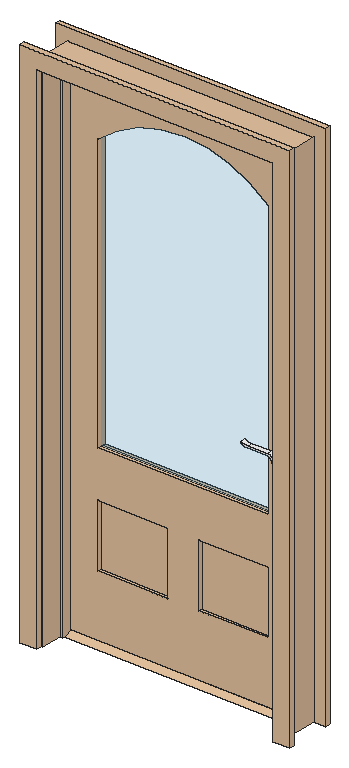
Revit family "M_Porta-Externa-Entrada-Única-Vidro em meio arco-Revestida_Madeira", category Portas, Revit 2019
Family settings
  Hospedeiro = Parede
  Número OmniClass = 23.30.10.14
  Título OmniClass = Passage Doors by Material
  Sempre na vertical = Sim
  Corte com vazios quando carregada = Não
  Compartilhado = Não
  Ponto de cálculo do ambiente = Não
Parameters (values of type "900 x 2000mm")
  Visual Light Transmittance = 0
  Material da apara = Cerejeira
  Deslocamento do limite [instance] = if(Limite, 15 mm, 0 mm)  # 15 mm
  Material do limite = Cerejeira
  Limite [instance] = yes
  Espessura = 35 mm
  Resistência térmica (R) = 0.188367 (m²·K)/W
  Ângulo de abertura [instance] = 90.00°
  Estilos = 120 mm
  Solar Heat Gain Coefficient = 0
  Largura bruta = Largura + 50 mm  # 950 mm
  Altura bruta = Altura + 25 mm  # 2025 mm
  Raio = (0.5 * Largura - Estilos) * (0.5 * Largura - Estilos) / 254 mm + 63.5 mm  # 492.24 mm
  Material do painel = Cerejeira
  Bloquear corrimão = 180 mm
  Altura = 2000 mm
  Fechamento da parede = Por hospedeiro
  Largura = 900 mm
  Coeficiente de transferência de calor (U) = 5.30918 W/(m²·K)
  Vidraça = Vidro
  Função = Exterior
  Material da moldura = Cerejeira
  Apara externa [instance] = Deslocamento da porta = 0 mm  # yes
  Deslocamento da porta [instance] = 0 mm
  Material da maçaneta = Alumín. 1
  Corrimão inferior = 240 mm
  Construction Type = ""
  Código de montagem = "B2030100"
  Construção analítica = "Porta francesa, moldura de madeira com vidro único"
Reference planes
  plane 1 "Centro (Frente/Trás)": y = 0
  plane 2 "Centro (Esquerda/Direita)": x = 0
  plane 3 "Esquerda": x = -475
  plane 4 "Direita": x = 475
  plane 5 "Superior": z = 2025
  plane 6 "Deslocamento da porta": y = 73.025
  plane 7 "Interior": y = -79.375
  plane 8 "Painel esquerdo da porta": x = -450
  plane 9 "Painel direito da porta": x = 450
  plane 10 "Topo do painel": z = 2000
  plane 11: z = 0
  plane 12: z = 0
  plane 13: x = 468.65
  plane 14: y = 38.1
  plane 15: y = 3.175
  plane 16: x = 437.3
  plane 17: y = 38.025
  plane 18: z = 1000
  plane 19 "2": x = -330
  plane 20: y = 52.025
  plane 21: y = 59.025
  plane 22: z = 914.4
  plane 23: y = 45.025
  plane 24: y = 66.025
  plane 25: z = 1000
  plane 26: z = 15
  plane 27 "1": x = 330
  plane 28: x = 398.8
  plane 29: y = 49.692
  plane 30: y = 61.358
  plane 31: y = 55.525
  plane 32: z = 500
  plane 33: z = 680
  plane 34: z = 1752.35
  plane 35: z = 1879.35
  plane 36: z = 1387.11
  plane 37 "Exterior": y = 73.025
Forms (mm)
  Sweep 1, solid, material "Cerejeira" <- "Material da moldura"
    path origin (0, 0, 0) x (1, 0, 0) y (0, 0, 1)
      loop
        line (475, 0) -> (475, 2025) -> (-475, 2025) -> (-475, 0)
    profile origin (475, 0, 1012.5) x (-1, 0, 0) y (0, -1, 0)
      loop
        line (25, -73.025) -> (25, -38.025) -> (37.7, -38.025) -> (37.7, -3.1) -> (25, -3.1) -> (25, 79.375) -> (0, 79.375) -> (0, -73.025) -> (25, -73.025)
  Extrusion 2, solid, material "Cerejeira" <- "Material do painel"
    sketch origin (6.55, 0, 0) x (1, 0, 0) y (0, 0, 1)
      loop
        line (443.45, 2000) -> (-456.55, 2000) -> (-456.55, 15) -> (443.45, 15) -> (443.45, 2000)
      loop
        line (-336.55, 1752.35) -> (-336.55, 680) -> (323.45, 680) -> (323.45, 1752.35)
        arc (323.45, 1752.35) -> (-6.55, 1879.35) -> (-336.55, 1752.35) r 492.24
      loop
        line (-336.55, 500) -> (-336.55, 255) -> (-66.875, 255) -> (-66.875, 500) -> (-336.55, 500)
      loop
        line (53.775, 500) -> (53.775, 255) -> (323.45, 255) -> (323.45, 500) -> (53.775, 500)
    from -73.025 to -38.025
  Extrusion 3, solid, material "Vidro" <- "Vidraça"
    sketch origin (0, 0, -32) x (1, 0, 0) y (0, 0, 1)
      loop
        line (-330, 1784.35) -> (-330, 712) -> (330, 712) -> (330, 1784.35)
        arc (330, 1784.35) -> (0, 1911.35) -> (-330, 1784.35) r 492.24
    from -59.025 to -52.025
  Extrusion 4, solid, material "Cerejeira" <- "Material do painel"
    sketch origin (0, 73.025, 0) x (1, 0, 0) y (0, 0, 1)
      loop
        line (-330, 500) -> (-330, 256.3) -> (-60.325, 256.3) -> (-60.325, 500) -> (-330, 500)
      loop
        line (330, 255) -> (330, 500) -> (60.325, 500) -> (60.325, 255) -> (330, 255)
    from 11.667 to 23.333
  Sweep 5, solid, material "Cerejeira" <- "Material da apara", visible <- "Apara externa", detail levels fine
    path origin (0, 73.025, 0) x (-1, 0, 0) y (0, 0, 1)
      loop
        line (450, 0) -> (450, 2000) -> (-450, 2000) -> (-450, 0)
    profile "Perfil de caixa-plano : 20 x 65mm" origin (450, 73.025, 1000) x (-1, 0, 0) y (0, 1, 0)
      loop
        line (-6.35, 20) -> (-71.35, 20) -> (-71.35, 0) -> (-6.35, 0) -> (-6.35, 20)
  Sweep 6, solid, material "Cerejeira" <- "Material da apara", detail levels fine
    path origin (0, -79.375, 0) x (1, 0, 0) y (0, 0, 1)
      loop
        line (-450, 0) -> (-450, 2000) -> (450, 2000) -> (450, 0)
    profile "Perfil de caixa-plano : 20 x 65mm" origin (-450, -79.375, 1000) x (-1, 0, 0) y (0, -1, 0)
      loop
        line (6.35, 20) -> (6.35, 0) -> (71.35, 0) -> (71.35, 20) -> (6.35, 20)
Lines and regions (mm)
  Opening 1
    outline origin (-2286, -79.375, 0) x (1, 0, 0) y (0, 0, 1)
      loop
        line (1811, 0) -> (2761, 0) -> (2761, 2025) -> (1811, 2025) -> (1811, 0)
  Masking region 1, detail levels coarse+medium
    outline origin (0, 0, 0) x (1, 0, 0) y (0, 1, 0)
      loop
        line (-475, 73.025) -> (-475, -79.375) -> (-450, -79.375) -> (-450, 73.025) -> (-475, 73.025)
      loop
        line (475, 73.025) -> (450, 73.025) -> (450, -79.375) -> (475, -79.375) -> (475, 73.025)
  Masking region 2, detail levels fine
    outline origin (-25.4, 0, 0) x (1, 0, 0) y (0, 1, 0)
      loop
        line (-449.6, 73.025) -> (-449.6, -79.375) -> (-424.6, -79.375) -> (-424.6, 3.1) -> (-411.9, 3.1) -> (-411.9, 38.025) -> (-424.6, 38.025) -> (-424.6, 73.025) -> (-449.6, 73.025)
      loop
        line (500.4, 73.025) -> (475.4, 73.025) -> (475.4, 38.025) -> (462.7, 38.025) -> (462.7, 3.1) -> (475.4, 3.1) -> (475.4, -79.375) -> (500.4, -79.375) -> (500.4, 73.025)
  Masking region 3, detail levels fine
    outline origin (0, 0, 0) x (1, 0, 0) y (0, 1, 0)
      loop
        line (-521.35, -79.375) -> (-521.35, -99.375) -> (-456.35, -99.375) -> (-456.35, -79.375) -> (-521.35, -79.375)
      loop
        line (456.35, -79.375) -> (456.35, -99.375) -> (521.35, -99.375) -> (521.35, -79.375) -> (456.35, -79.375)
  Masking region 4
    outline origin (0, 0, 0) x (0, 1, 0) y (0, 0, 1)
      loop
        line (73.025, 2025) -> (-79.375, 2025) -> (-79.375, 2018.65) -> (73.025, 2018.65) -> (73.025, 2025)
  Masking region 5, visible <- "Apara externa", detail levels fine
    outline origin (0, -6.35, 0) x (0, -1, 0) y (1, 0, 0)
      loop
        line (-79.375, -521.35) -> (-79.375, -456.35) -> (-99.375, -456.35) -> (-99.375, -521.35) -> (-79.375, -521.35)
      loop
        line (-79.375, 456.35) -> (-79.375, 521.35) -> (-99.375, 521.35) -> (-99.375, 456.35) -> (-79.375, 456.35)
  symbolic lines, style "Giro da elevação"
    curve 1: line (450, 73.025, 1999.299) -> (-450, 73.025, 1000)
    curve 2: line (450, 73.025, 0.701) -> (-450, 73.025, 1000)
  model lines, style "DoorsGlassProjection"
    curve 3: line (330, 55.525, 1752.35) -> (330, 55.525, 680)
    curve 4: line (-330, 55.525, 1752.35) -> (-330, 55.525, 680)
    curve 5: arc (330, 55.525, 1752.35) -> (0, 55.525, 1879.35) -> (-330, 55.525, 1752.35) r 492.24
Text (mm)
  text "Exterior" at (-1904.17, 693.701, 0), in view "Nível de referência"
  text "Interior" at (-1904.17, -638.649, 0), in view "Nível de referência"
  text "Exterior" at (0, 1019.848, 3124.603), in view "Direita"
  text "Interior" at (0, -1635.541, 3124.603), in view "Direita"
  text "Interior" at (0, -787.806, 3124.376), in view "Esquerda"
  text "Exterior" at (0, 1386.095, 3124.376), in view "Esquerda"
Dimensions and locks
  equal spacing: plane 3 "Esquerda", plane 2 "Centro (Esquerda/Direita)", plane 4 "Direita"
  "Altura bruta": level to plane 5 "Superior"
  equal spacing: plane 8 "Painel esquerdo da porta", plane 2 "Centro (Esquerda/Direita)", plane 9 "Painel direito da porta"
  "Largura": plane 8 "Painel esquerdo da porta" to plane 9 "Painel direito da porta"
  "Altura": level to plane 10 "Topo do painel"
  plane 11 to plane 12 = 0 mm
  locked: plane 13 to plane 4 "Direita" at 6.35
  locked: plane 16 to plane 9 "Painel direito da porta" at 12.7
  "Espessura": plane 6 "Deslocamento da porta" to plane 17
  "Largura bruta": plane 3 "Esquerda" to plane 4 "Direita"
  "Estilos": plane 8 "Painel esquerdo da porta" to plane 19 "2"
  locked: plane 12 to plane 22 at 914.4
  equal spacing: plane 11, plane 25, plane 10 "Topo do painel"
  plane 21 to plane 20 = 7 mm
  "Deslocamento do limite": plane 12 to plane 26
  "Estilos": plane 27 "1" to plane 9 "Painel direito da porta"
  plane 28 to plane 4 "Direita" = 76.2 mm
  "Corrimão inferior": plane 26 to Extrusion 2
  equal spacing: plane 17, plane 23, plane 20, plane 21, plane 24, plane 6 "Deslocamento da porta"
  equal spacing: plane 17, plane 29, plane 30, plane 6 "Deslocamento da porta"
  equal spacing: plane 21, plane 31, plane 20
  equal spacing: plane 11, plane 32, plane 25
  "Bloquear corrimão": plane 32 to plane 33
  locked: plane 35 to plane 10 "Topo do painel" at 120.65
  locked: plane 34 to plane 35 at 127
  "Raio": plane 36 to plane 35
  locked: plane 17 to Sweep 1 sketch curve at 34.925
  "Deslocamento da porta": plane 37 "Exterior" to plane 6 "Deslocamento da porta"
  aligned and locked: plane 3 "Esquerda" to Opening 1 sketch curve
  aligned and locked: plane 5 "Superior" to Opening 1 sketch curve  (x2)
  aligned and locked: Opening 1 sketch curve to plane 4 "Direita"
  aligned and locked: Opening 1 sketch curve to level
  aligned and locked: plane 7 "Interior" to host wall
  aligned and locked: plane 5 "Superior" to Sweep 1 sketch curve
  aligned and locked: plane 4 "Direita" to Sweep 1 sketch curve
  aligned and locked: Sweep 1 sketch curve to plane 3 "Esquerda"
  aligned and locked: plane 11 to level
  aligned and locked: plane 11 to Sweep 1 sketch curve  (x2)
  aligned and locked: Sweep 1 sketch curve to plane 9 "Painel direito da porta"
  aligned and locked: Sweep 1 sketch curve to plane 7 "Interior"
  aligned and locked: Sweep 1 sketch curve to plane 16
  aligned and locked: Extrusion 2 sketch curve to plane 10 "Topo do painel"
  aligned and locked: Extrusion 2 sketch curve to plane 8 "Painel esquerdo da porta"
  aligned and locked: Extrusion 2 to plane 17
  aligned and locked: Extrusion 2 to plane 6 "Deslocamento da porta"
  aligned and locked: Extrusion 2 sketch curve to plane 19 "2"
  aligned and locked: Extrusion 3 to plane 21
  aligned and locked: Extrusion 3 to plane 20
  aligned and locked: Masking region 1 sketch curve to plane 3 "Esquerda"
  aligned and locked: plane 8 "Painel esquerdo da porta" to Masking region 1 sketch curve
  aligned and locked: Masking region 1 sketch curve to plane 7 "Interior"
  aligned and locked: plane 6 "Deslocamento da porta" to Masking region 1 sketch curve
  aligned and locked: plane 9 "Painel direito da porta" to Masking region 1 sketch curve
  aligned and locked: Masking region 1 sketch curve to plane 4 "Direita"
  aligned and locked: plane 7 "Interior" to Masking region 1 sketch curve
  aligned and locked: Masking region 1 sketch curve to plane 6 "Deslocamento da porta"
  aligned and locked: Masking region 2 sketch curve to plane 3 "Esquerda"
  aligned and locked: Masking region 2 sketch curve to plane 7 "Interior"
  aligned and locked: plane 6 "Deslocamento da porta" to Masking region 2 sketch curve
  aligned and locked: Masking region 2 sketch curve to Sweep 1  (x3)
  aligned and locked: plane 7 "Interior" to Masking region 3 sketch curve  (x2)
  aligned and locked: Masking region 2 sketch curve to plane 4 "Direita"
  aligned and locked: plane 9 "Painel direito da porta" to Masking region 2 sketch curve  (x3)
  aligned and locked: nested 1 to plane 8 "Painel esquerdo da porta"
  aligned and locked: plane 8 "Painel esquerdo da porta" to Masking region 2 sketch curve  (x2)
  aligned and locked: host wall to Sweep 1 sketch curve
  aligned and locked: plane 22 to nested 2
  aligned and locked: Masking region 4 sketch curve to host wall
  aligned and locked: host wall to Masking region 4 sketch curve
  aligned and locked: plane 7 "Interior" to Masking region 4 sketch curve
  aligned and locked: Extrusion 2 sketch curve to Extrusion 2 sketch curve  (x2)
  aligned and locked: Extrusion 2 to Extrusion 4 sketch curve  (x3)
  aligned and locked: Sweep 1 to curve 1
  aligned and locked: plane 25 to curve 2
  aligned and locked: Sweep 1 to curve 2
  aligned and locked: Extrusion 2 to Extrusion 4
  aligned and locked: plane 25 to plane 18
  aligned and locked: nested 2 to plane 28
  aligned and locked: Extrusion 4 sketch curve to Extrusion 2
  aligned and locked: plane 8 "Painel esquerdo da porta" to nested 3
  aligned and locked: plane 9 "Painel direito da porta" to Sweep 5 sketch curve
  aligned and locked: plane 10 "Topo do painel" to Sweep 5 sketch curve
  aligned and locked: plane 8 "Painel esquerdo da porta" to Sweep 5 sketch curve
  aligned and locked: plane 11 to Sweep 5 sketch curve
  aligned and locked: plane 12 to Sweep 5 sketch curve
  aligned and locked: Sweep 6 sketch curve to plane 8 "Painel esquerdo da porta"
  aligned and locked: Sweep 6 sketch curve to plane 10 "Topo do painel"
  aligned and locked: Sweep 6 sketch curve to plane 9 "Painel direito da porta"
  aligned and locked: plane 12 to Sweep 6 sketch curve  (x2)
  aligned and locked: plane 17 to nested 2
  aligned and locked: Extrusion 4 to plane 30
  aligned and locked: Extrusion 4 to plane 29
  aligned and locked: nested 2 to plane 17
  aligned and locked: plane 31 to curve 3
  aligned and locked: plane 31 to curve 4
  aligned and locked: plane 32 to Extrusion 2 sketch curve
  aligned and locked: plane 33 to Extrusion 2 sketch curve
  aligned and locked: plane 33 to Extrusion 3 sketch curve
  aligned and locked: plane 33 to curve 4
  aligned and locked: plane 33 to curve 3
  aligned and locked: plane 34 to Extrusion 2  (x2)
  aligned and locked: plane 34 to curve 3
  aligned and locked: plane 34 to curve 4
  aligned and locked: plane 34 to Extrusion 3
  aligned and locked: plane 34 to Extrusion 2 sketch curve  (x2)
  aligned and locked: plane 2 "Centro (Esquerda/Direita)" to Extrusion 2 sketch curve
  aligned and locked: plane 32 to Extrusion 4  (x2)
  aligned and locked: plane 36 to Extrusion 2 sketch curve
  aligned and locked: plane 36 to Extrusion 3 sketch curve
  aligned and locked: plane 2 "Centro (Esquerda/Direita)" to Extrusion 3 sketch curve
  aligned and locked: plane 27 "1" to Extrusion 3 sketch curve
  aligned and locked: plane 34 to Extrusion 3 sketch curve
  aligned and locked: plane 19 "2" to Extrusion 3 sketch curve
  aligned and locked: plane 36 to curve 5
  aligned and locked: plane 2 "Centro (Esquerda/Direita)" to curve 5
  aligned and locked: plane 34 to curve 5  (x2)
  aligned and locked: plane 27 "1" to curve 5
  aligned and locked: plane 19 "2" to Extrusion 2
  aligned and locked: host wall to plane 37 "Exterior"
  aligned and locked: plane 17 to Masking region 2 sketch curve  (x2)
  aligned and locked: Masking region 2 sketch curve to plane 6 "Deslocamento da porta"
  aligned and locked: plane 6 "Deslocamento da porta" to Sweep 1 sketch curve
  aligned and locked: plane 17 to Sweep 1 sketch curve
  aligned and locked: Sweep 1 to Masking region 2 sketch curve
  aligned and locked: Masking region 5 sketch curve to plane 37 "Exterior"  (x2)
  aligned and locked: nested 3 to plane 26
  aligned and locked: Masking region 5 sketch curve to Sweep 5  (x2)
  aligned and locked: Sweep 5 to Masking region 5 sketch curve  (x2)
  aligned and locked: Masking region 3 sketch curve to Sweep 6  (x4)
  aligned and locked: plane 37 "Exterior" to nested 1
Automatic sketch dimensions
  plane 16 to Sweep 1 sketch curve = 12.7 mm
  plane 19 "2" to Extrusion 2 sketch curve = 0 mm
  plane 27 "1" to Extrusion 2 sketch curve = 0 mm
  plane 9 "Painel direito da porta" to Extrusion 2 sketch curve = 0 mm
  Extrusion 2 sketch curve to plane 26 = 0 mm
  Extrusion 2 sketch curve to plane 2 "Centro (Esquerda/Direita)" = 60.325 mm
  plane 2 "Centro (Esquerda/Direita)" to Extrusion 2 sketch curve = 60.325 mm
  Extrusion 2 sketch curve to plane 26 = 240 mm
  plane 9 "Painel direito da porta" to curve 2 = 0 mm
  level to curve 2 = 0.701 mm
  curve 1 to plane 10 "Topo do painel" = 0.701 mm
  host wall to Masking region 2 sketch curve = 0 mm
  plane 8 "Painel esquerdo da porta" to Masking region 3 sketch curve = 6.35 mm
  Masking region 3 sketch curve to plane 9 "Painel direito da porta" = 6.35 mm
  plane 5 "Superior" to Masking region 4 sketch curve = 6.35 mm
  Extrusion 4 sketch curve to plane 32 = 0 mm  (x2)
  Extrusion 4 sketch curve to plane 26 = 241.3 mm
  Extrusion 4 sketch curve to plane 26 = 240 mm
  curve 3 to plane 34 = 0 mm
  curve 4 to plane 34 = 0 mm
  Masking region 5 sketch curve to plane 9 "Painel direito da porta" = 6.35 mm
  plane 8 "Painel esquerdo da porta" to Masking region 5 sketch curve = 6.35 mm
Nested families
  nested 1: "Porta com abertura única" at (-450, 73.025, 0) x (-1, 0, 0) z (0, 0, 1), Ângulo de abertura <- "Ângulo de abertura", type "Único"
    with Abertura visível yes, Ângulo de abertura 90.00°, Ângulo real 90.00°, Espessura 35 mm
  nested 2: "M_Maçaneta da porta de entrada" at (398.8, 55.525, 914.4) x (-1, 0, 0) z (0, 0, 1), type "Padrão", detail levels fine
    with Espessura 35 mm
  nested 3: "Limite" at (0, 55.525, 0) x (0, 1, 0) z (0, 0, 1), visible <- "Limite", type "Limite"
    with Comprimento do limite 900 mm
Definition of nested family "M_Maçaneta da porta de entrada"
  Parameters (values of type "Padrão")
    Thickness = 45 mm
    Material do puxador = none
    Function = (empty or 0)
    Construction Type = ""
    Analytic Construction = "<Nenhum>"
  Reference planes
    plane 1 "Centro (Frente/Trás)": y = 0
    plane 2: z = 0
    plane 3 "Centro (Esquerda/Direita)": x = 0
    plane 4: y = 22.5
    plane 5: y = -22.5
    plane 6: z = -147.114
    plane 7: y = 62.5
    plane 8: z = 82.5
    plane 9: y = -62.5
    plane 10: z = -60
  Forms (mm)
    Extrusion 1, solid, material <- "Material do puxador"
      sketch origin (0, -22.5, 0) x (-1, 0, 0) y (0, 0, -1)
        loop
          line (25, -125) -> (25, 70)
          arc (25, 70) -> (0, 95) -> (-25, 70) r 25
          line (-25, 70) -> (-25, -125)
          arc (-25, -125) -> (0, -150) -> (25, -125) r 25
      from 0 to 10
    Extrusion 2, solid, material <- "Material do puxador"
      sketch origin (0, 22.5, 0) x (-1, 0, 0) y (0, 0, -1)
        loop
          line (25, -125) -> (25, 70)
          arc (25, 70) -> (0, 95) -> (-25, 70) r 25
          line (-25, 70) -> (-25, -125)
          arc (-25, -125) -> (0, -150) -> (25, -125) r 25
      from 0 to -10
    Extrusion 3, solid, material <- "Material do puxador"
      sketch origin (0, -22.5, 0) x (-1, 0, 0) y (0, 0, -1)
        loop
          circle (0, 0) r 8
      from 10 to 40
    Extrusion 4, solid, material <- "Material do puxador"
      sketch origin (0, 20, 0) x (-1, 0, 0) y (0, 0, 1)
        loop
          circle (0, 0) r 8
      from 12.5 to 42.5
    Extrusion 5, solid, material <- "Material do puxador"
      sketch origin (0, -62.5, 0) x (1, 0, 0) y (0, 0, 1)
        loop
          arc (-6.508, 4.652) -> (-2.443, -7.618) -> (8, 0) r 8
          arc (8, 0) -> (14.532, 9.391) -> (25.386, 13) r 18.126
          line (25.386, 13) -> (101.644, 13)
          arc (101.644, 13) -> (116.41, 15.798) -> (130, 22.214) r 59.379
          line (130, 22.214) -> (130, 25)
          arc (130, 25) -> (116.04, 21.265) -> (101.644, 20) r 83.285
          line (101.644, 20) -> (25.367, 20)
          arc (25.367, 20) -> (7.493, 16.348) -> (-6.508, 4.652) r 37.283
      from 0 to 20
    Extrusion 6, solid, material <- "Material do puxador"
      sketch origin (0, 62.5, 0) x (1, 0, 0) y (0, 0, -1)
        loop
          arc (8, 0) -> (-2.443, 7.618) -> (-6.508, -4.652) r 8
          arc (-6.508, -4.652) -> (7.493, -16.348) -> (25.367, -20) r 37.283
          line (25.367, -20) -> (101.644, -20)
          arc (101.644, -20) -> (116.04, -21.265) -> (130, -25) r 83.285
          line (130, -25) -> (130, -22.214)
          arc (130, -22.214) -> (116.41, -15.798) -> (101.644, -13) r 59.379
          line (101.644, -13) -> (25.386, -13)
          arc (25.386, -13) -> (14.532, -9.391) -> (8, 0) r 18.126
      from 0 to 20
    Extrusion 7, solid, material <- "Material do puxador"
      sketch origin (0, -32.5, 10) x (-1, 0, 0) y (0, 0, -1)
        loop
          circle (0, -72.5) r 8
      from 0 to 10
    Extrusion 8, solid, material <- "Material do puxador"
      sketch origin (0, 32.5, 142.5) x (-1, 0, 0) y (0, 0, 1)
        loop
          line (-5, -45) -> (-5, -75) -> (5, -75) -> (5, -45) -> (-5, -45)
      from 0 to 10
  Dimensions and locks
    equal spacing: plane 5, plane 1 "Centro (Frente/Trás)", plane 4
    "Thickness": plane 5 to plane 4
    locked: plane 4 to plane 7 at 40
    locked: plane 9 to plane 5 at 40
    locked: Extrusion 6 to plane 7 at 20
    locked: plane 9 to Extrusion 5 at 20
    locked: plane 2 to plane 10 at 60
    aligned and locked: Extrusion 3 to Extrusion 1
    aligned and locked: Extrusion 4 to Extrusion 2
    aligned and locked: plane 7 to Extrusion 6
    aligned and locked: Extrusion 4 to plane 7
    aligned and locked: plane 9 to Extrusion 5
    aligned and locked: Extrusion 1 sketch curve to Extrusion 2
  Automatic sketch dimensions
    Extrusion 3 sketch curve to level = 0 mm
    Extrusion 3 sketch curve to plane 3 "Centro (Esquerda/Direita)" = 0 mm
    Extrusion 4 sketch curve to level = 0 mm
    Extrusion 4 sketch curve to plane 3 "Centro (Esquerda/Direita)" = 0 mm
    Extrusion 5 sketch curve to level = 0 mm  (x2)
    Extrusion 5 sketch curve to plane 3 "Centro (Esquerda/Direita)" = 0 mm
    Extrusion 5 sketch curve to plane 3 "Centro (Esquerda/Direita)" = 6.508 mm
    plane 3 "Centro (Esquerda/Direita)" to Extrusion 5 sketch curve = 8 mm
    Extrusion 5 sketch curve to level = 17.244 mm
    Extrusion 5 sketch curve to Extrusion 5 sketch curve = 15.668 mm
    level to Extrusion 5 sketch curve = 20 mm
    Extrusion 5 sketch curve to Extrusion 5 sketch curve = 0.019 mm
    Extrusion 5 sketch curve to Extrusion 5 sketch curve = 28.356 mm
    Extrusion 5 sketch curve to Extrusion 5 sketch curve = 0 mm
    Extrusion 5 sketch curve to level = 5.126 mm
    level to Extrusion 5 sketch curve = 22.214 mm
    Extrusion 5 sketch curve to Extrusion 5 sketch curve = 2.786 mm
    Extrusion 5 sketch curve to Extrusion 5 sketch curve = 72.693 mm
    Extrusion 5 sketch curve to Extrusion 5 sketch curve = 3.517 mm
    Extrusion 5 sketch curve to Extrusion 5 sketch curve = 3.583 mm
    Extrusion 6 sketch curve to level = 0 mm
    Extrusion 6 sketch curve to plane 3 "Centro (Esquerda/Direita)" = 0 mm
    level to Extrusion 6 sketch curve = 4.652 mm
    Extrusion 6 sketch curve to plane 3 "Centro (Esquerda/Direita)" = 6.508 mm
    Extrusion 6 sketch curve to level = 17.244 mm
    Extrusion 6 sketch curve to Extrusion 6 sketch curve = 15.668 mm
    Extrusion 6 sketch curve to Extrusion 6 sketch curve = 0.019 mm
    Extrusion 6 sketch curve to level = 5.126 mm
    Extrusion 6 sketch curve to Extrusion 6 sketch curve = 1.719 mm
    Extrusion 6 sketch curve to Extrusion 6 sketch curve = 72.693 mm
    Extrusion 6 sketch curve to Extrusion 6 sketch curve = 3.517 mm
    Extrusion 6 sketch curve to Extrusion 6 sketch curve = 3.583 mm
    Extrusion 6 sketch curve to Extrusion 6 sketch curve = 0 mm
    level to Extrusion 6 sketch curve = 22.214 mm
    Extrusion 6 sketch curve to Extrusion 6 sketch curve = 28.356 mm
    Extrusion 6 sketch curve to Extrusion 6 sketch curve = 2.786 mm
    level to Extrusion 1 sketch curve = 70 mm
    Extrusion 2 sketch curve to level = 125 mm
    Extrusion 2 sketch curve to plane 3 "Centro (Esquerda/Direita)" = 0 mm
    Extrusion 2 sketch curve to plane 3 "Centro (Esquerda/Direita)" = 25 mm
    level to Extrusion 2 sketch curve = 70 mm
    Extrusion 7 sketch curve to Extrusion 1 = 25 mm
    Extrusion 8 sketch curve to Extrusion 2 = 20 mm
    Extrusion 8 sketch curve to Extrusion 8 sketch curve = 10 mm
    Extrusion 8 sketch curve to Extrusion 8 sketch curve = 30 mm
    radius of Extrusion 3 sketch curve = 8 mm
    radius of Extrusion 4 sketch curve = 8 mm
    radius of Extrusion 7 sketch curve = 8 mm
Definition of nested family "Limite"
  Parameters (values of type "Limite")
    Comprimento do limite = 1500 mm
    Altura do limite = 15 mm
    Largura do painel = 35 mm
    Material = none
    Analytic Construction = "<Nenhum>"
  Reference planes
    plane 1 "Centro (Frente/Trás)": y = 0
    plane 2: z = 0
    plane 3 "Centro (Esquerda/Direita)": x = 0
    plane 4: x = -42.9
    plane 5: x = 42.9
    plane 6: z = 15
    plane 7: x = -17.5
    plane 8: x = 17.5
    plane 9: y = 750
    plane 10: y = -750
  Forms (mm)
    Extrusion 1, solid, material <- "Material"
      sketch origin (0, 0, 0) x (1, 0, 0) y (0, 0, 1)
        loop
          line (-42.9, 0) -> (42.9, 0) -> (17.5, 15) -> (-17.5, 15) -> (-42.9, 0)
      from -750 to 750
  Dimensions and locks
    "Altura do limite": plane 6 to plane 2
    equal spacing: plane 8, plane 3 "Centro (Esquerda/Direita)", plane 7
    "Largura do painel": plane 8 to plane 7
    equal spacing: plane 9, plane 1 "Centro (Frente/Trás)", plane 10
    "Comprimento do limite": plane 9 to plane 10
    locked: plane 7 to plane 4 at 25.4
    locked: plane 8 to plane 5 at 25.4
    aligned and locked: plane 2 to level
    aligned and locked: Extrusion 1 sketch curve to plane 6
    aligned and locked: Extrusion 1 sketch curve to plane 2
    aligned and locked: plane 5 to Extrusion 1 sketch curve
    aligned and locked: plane 7 to Extrusion 1 sketch curve
    aligned and locked: plane 8 to Extrusion 1 sketch curve
    aligned and locked: plane 9 to Extrusion 1
    aligned and locked: plane 10 to Extrusion 1
  Automatic sketch dimensions
    Extrusion 1 sketch curve to plane 4 = 0 mm
Definition of nested family "Porta com abertura única"
  Parameters (values of type "Único")
    Width = 900 mm
    Thickness = 45 mm
    Abertura visível [instance] = Ângulo de abertura > 1.00°  # yes
    Ângulo de abertura [instance] = 45.00°
    Assembly Code = ""
    Analytic Construction = "<Nenhum>"
    Ângulo real [instance] = if(Ângulo de abertura < 1.00°, 1.00°, Ângulo de abertura)  # 45.00°
  Reference planes
    plane 1 "Centro (Frente/Trás)": y = 0
    plane 2: z = 0
    plane 3 "Centro (Esquerda/Direita)": x = 0
    plane 4: x = -900
  Lines and regions (mm)
    Masking region 1
      outline origin (0, 0, 0) x (-0.707107, 0.707107, 0) y (-0.707107, -0.707107, 0)
        loop
          line (0, 0) -> (900, 0) -> (900, 45) -> (0, 45) -> (0, 0)
    symbolic lines
      curve 1: line (0, 0, 0) -> (-900, 0, 0)
    symbolic lines, visible <- "Abertura visível"
      curve 2: arc (-900, 0, 0) -> (-831.492, 344.415, 0) -> (-636.396, 636.396, 0) r 900
    reference lines
      curve 3: line (0, 0, 0) -> (-636.396, 636.396, 0)
    model lines
      curve 4: line (0, 0, 0) -> (0, 0, 25.4)
  Dimensions and locks
    "Width": plane 4 to plane 3 "Centro (Esquerda/Direita)"
    locked: curve 2 to plane 3 "Centro (Esquerda/Direita)"
    locked: curve 2 to plane 1 "Centro (Frente/Trás)"
    "Width": curve 3 to curve 3
    "Thickness": Masking region 1 sketch curve to Masking region 1 sketch curve
    locked: curve 4 to plane 2 at 25.4
    "Width": radius of curve 2
    "Ângulo real": angle curve 2 to curve 2
    "Ângulo de abertura": angle curve 3 to plane 1 "Centro (Frente/Trás)"
    aligned and locked: curve 1 to plane 1 "Centro (Frente/Trás)"
    aligned and locked: plane 3 "Centro (Esquerda/Direita)" to curve 1
    aligned and locked: plane 3 "Centro (Esquerda/Direita)" to curve 3
    aligned and locked: plane 1 "Centro (Frente/Trás)" to curve 3
    aligned and locked: curve 3 to Masking region 1 sketch curve
    aligned and locked: Masking region 1 sketch curve to curve 3  (x2)
    aligned and locked: plane 3 "Centro (Esquerda/Direita)" to curve 4
    aligned and locked: plane 2 to curve 4
Types in the file's own list only (11): name | Transmissão de luz visual | Resistência térmica (R) | Coeficiente de ganho de calor solar | Largura bruta | Altura bruta | Raio | Altura | Largura | Coeficiente de transferência de calor (U)
  750 x 2000mm | 0 | 0.1884 (m²·K)/W | 0 | 800 mm | 2025 mm | 320 mm | 2000 mm | 750 mm | 5.3092 W/(m²·K)
  800 x 2000mm | 0 | 0.1884 (m²·K)/W | 0 | 850 mm | 2025 mm | 372 mm | 2000 mm | 800 mm | 5.3092 W/(m²·K)
  850 x 2000mm | 0 | 0.1884 (m²·K)/W | 0 | 900 mm | 2025 mm | 430 mm | 2000 mm | 850 mm | 5.3092 W/(m²·K)
  750 x 2100mm | 0 | 0.1884 (m²·K)/W | 0 | 800 mm | 2125 mm | 320 mm | 2100 mm | 750 mm | 5.3092 W/(m²·K)
  800 x 2100mm | 0 | 0.1884 (m²·K)/W | 0 | 850 mm | 2125 mm | 372 mm | 2100 mm | 800 mm | 5.3092 W/(m²·K)
  850 x 2100mm | 0 | 0.1884 (m²·K)/W | 0 | 900 mm | 2125 mm | 430 mm | 2100 mm | 850 mm | 5.3092 W/(m²·K)
  900 x 2100mm | 0 | 0.1884 (m²·K)/W | 0 | 950 mm | 2125 mm | 492 mm | 2100 mm | 900 mm | 5.3092 W/(m²·K)
  750 x 2400mm | 0 | 0.1884 (m²·K)/W | 0 | 800 mm | 2425 mm | 320 mm | 2400 mm | 750 mm | 5.3092 W/(m²·K)
  800 x 2400mm | 0 | 0.1884 (m²·K)/W | 0 | 850 mm | 2425 mm | 372 mm | 2400 mm | 800 mm | 5.3092 W/(m²·K)
  850 x 2400mm | 0 | 0.1884 (m²·K)/W | 0 | 900 mm | 2425 mm | 430 mm | 2400 mm | 850 mm | 5.3092 W/(m²·K)
  900 x 2400mm | 0 | 0.1884 (m²·K)/W | 0 | 950 mm | 2425 mm | 492 mm | 2400 mm | 900 mm | 5.3092 W/(m²·K)
